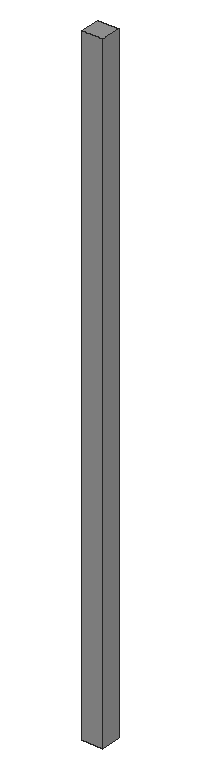
Revit family "EFPost", category Structural Columns, Revit 2020
Family settings
  Section Shape = Not Defined
  Material for Model Behavior = Other
  Always export as geometry = No
  Beam cutback in plan = From bounding box
  OmniClass Number = 23.25.30.11.14.11
  OmniClass Title = Columns
  Cut with Voids When Loaded = No
  Symbolic Representation = From Family
  Shared = No
  Show family pre-cut in plan views = Yes
Parameters (values of type "EFPost 4X4")
  b = 0' - 3 1/2"
  d = 0' - 3 1/2"
  EFType [instance] = "Post"
Types (2): name | b
  EFPost 4X4 | 0' - 3 1/2"
  EFPost 4.5X3.5 | 0' - 4 1/2"
Reference planes (in)
  plane 1 "Center (Front/Back)": y = 0
  plane 2: z = 0
  plane 3 "Center (Left/Right)": x = 0
  plane 4 "Left": x = -1.75
  plane 5 "Right": x = 1.75
  plane 6 "Back": y = 1.75
  plane 7 "Front": y = -1.75
Forms (in)
  Sweep 1, solid, material "Wood"
    path origin (0, 0, 0) x (1, 0, 0) y (0, 0, 1)
      loop
        line (0, 108) -> (0, 0)
    profile "RectangularProfile : RectangularProfile" origin (0, 0, 54) x (1, 0, 0) y (0, -1, 0)
      loop
        line (1.75, 1.75) -> (-1.75, 1.75) -> (-1.75, -1.75) -> (1.75, -1.75) -> (1.75, 1.75)
Dimensions and locks (in)
  equal spacing: plane 4 "Left", plane 3 "Center (Left/Right)", plane 5 "Right"
  equal spacing: plane 7 "Front", plane 1 "Center (Front/Back)", plane 6 "Back"
  "d": plane 7 "Front" to plane 6 "Back"
  "b": plane 4 "Left" to plane 5 "Right"
  aligned and locked: level to plane 2
Automatic sketch dimensions
  Sweep 1 sketch curve to level = 0' - 0"  (x2)
  Sweep 1 sketch curve to plane 3 "Center (Left/Right)" = 0' - 0"
